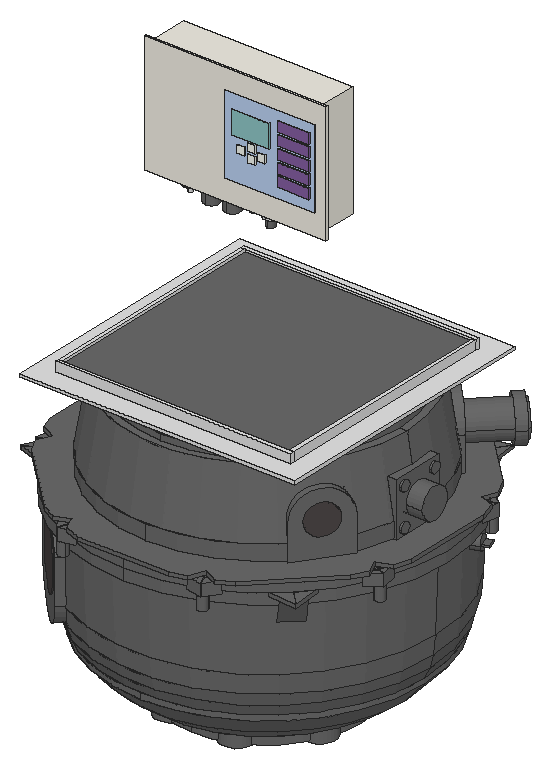
Revit family "280530sc (200)", category Generic Models, Revit 2021
Family settings
  Can host rebar = No
  Round Connector Dimension = Use Diameter
  Part Type = Normal
  Work Plane-Based = No
  Always vertical = Yes
  Cut with Voids When Loaded = No
  Shared = Yes
  Room Calculation Point = No
Parameters (values of type "280530SC")
  SUPPLIER = "KESSEL"
  SA700ID50 = "internal"
  SA700ID49 = "Protection Class I"
  SA700ID48 = "no"
  SA700ID47 = "no"
  SA700ID46 = "yes"
  SA700ID37 = 8000 mm
  SA700ID34 = 12
  SA700ID33 = 0.5 W
  SA700ID32 = 19.73 kg
  SA700ID31 = 1
  SA700ID30 = 2
  SA700ID29 = "RWDR"
  SA700ID21 = 800
  SA700ID10 = "No"
  SA700ID08 = 230 V
  PROCUREWEBLINK = "https://p.caden.as/kessel/280530SC"
  PROCURELINK = "p.caden.as/kessel/280530SC"
  PROCUREDATALASTUPDATE = "2024-05-22T12:17:25.742020933+01:00"
  PRC_SPECIFICATIONLINK = "https://ausschreiben.de/catalog/kessel/catalogItem/68b40d0a-d5ea-43db-a7a0-c3e40f4351ee"
  NN = "Lifting station Aqualift S compact"
  NBSYN = "$SA810ID03. ($LODLEVEL.)"
  NB = "280530SC (200)"
  Model = "280530SC"
  Manufacturer = "KESSEL"
  MIdent = "{$CADENAS_DATA/23d-libs/kessel/kessel_vdi_import/4/entwaesserung/hebeanlage20aqualift20s20compact.prj},217 {STYP=ASS},{VTYP=3D},{NB=280530SC (200)},{LINA=280530SC},{NN=Lifting station Aqualift S compact},{DATE=21.11.2022 10:40:35},{GEOMDATE=21.11.2022 10:40:35},{VERSION=},{LINEID=50},{WBVAR=LODLEVEL},{WBNUMERIC=LODLEVEL}  {NB=280530SC (200)},{LINA=280530SC},{KT=DUMMY},{PREVIEW=../../bilder/ksb_w_280530sc.png},{SA700ID04=Hebeanlage Aqualift S Compact, Duo, GTF 500, resistant, Bodenplatte},{SA810ID06=04026092082720},{SA700ID34=12.00},{SA010ID03=201805},{SA810ID03=280530SC},{SA810ID10=Die steckerfertige Hebeanlage für fäkalienfreies Abwasser ist mit einer überflutbaren Pumpe sowie einem Rückflussverhinderer ausgestattet. Der Sammelbehälter aus dauerhaft beständigem Kunststoff (PE) besitzt einen offenen Pumpenraum. Einhandverschlüsse ermöglichen die einfache Entnahme der integrierten Komponenten. Die Anlage zum Einbau in die Bodenplatte ist vormontiert zur bauseitigen Endmontage.Die Steuerung erfolgt durch ein anwenderfreundliches Schaltgerät, das optional über einen potentialfreien Kontakt in die Gebäudeleittechnik eingebunden werden oder Alarm- und Sammelstörmeldungen über eine GSM-Schnittstelle ausgeben kann.- mit teleskopischem Aufsatzstück für stufenlosen Höhen- und Niveauausgleich und integriertem Bodenablauf- Sammelbehälter aus PE, beständig gegen aggressive Abwässer und 3 m Grundwasser- inklusive Rückflussverhinderer für die Druckleitung- inklusive Stutzen für Zulauf und Kabelleerrohr- Pumpe mit Freistromrad für höchste BetriebssicherheitAusführung:Anlagenart: DoppelanlagePumpensteuerung: SchaltgerätRückflussverhinderer: integriertResistant: beständig gegen salzhaltige Medien, Abwasser aus Enthärtungsanlagen sowie kondensathaltiges Abwasser aus HeizungsanlagenAuslieferungszustand: installationsfertig (Verbindungsteile sind bauseits anzuschließen)Einbausituation: Einbau in die BodenplatteAbwasserart: fäkalienfreiAllgemeine Merkmale:Farbe: schwarzNorm: EN 12050-2Abmessungen:Länge: 617 mmBreite: 585 mmBehälter/Grundkörper:Zulauf Nennweite (DN): 100 mmDruckabgang (DN): 32 mmDruckabgang (DA): 40 mmEinbautiefe: 490 - 620 mmNutzvolumen: 20 lArt der Höhenverstellbarkeit: teleskopisches AufsatzstückAbdeckungsmerkmale:Abdeckungsart: Abdeckplatte mit SchlitzrostAbdeckung Material: KunststoffAbdeckung Farbe: schwarzBelastungsklasse: K 3 (EN 1253-1)Länge: 366 mmBreite: 366 mmVerriegelung: Lock & LiftFreier Kugeldurchgang: 10 mmFördereinrichtung:Pumpe: GTF 500Anzahl Pumpen: 2Förderleistung max.: 10 m3/hFörderhöhe max.: 8 mBetriebsspannung: 230 VNetzfrequenz: 50 HzBetriebsart: S1Leistung P1: 0,6 kWLeistung P2: 0,36 kWDrehzahl: 2.800 U/minErforderliche Absicherung (Leitungsschutz): C 16 AFörderguttemperatur (dauerhaft) max.: 40 °CAnschlusstyp: codierter SteckerLaufrad Typ: FreistromradLänge Netzanschlussleitung Pumpe: 5 mNennstrom: 2,7 ASchutzart Pumpe: IP 68 (3m)Typ Anschlussleitung Pumpe: H07RN-F 3G 1,0 mm2Temperaturüberwachung: integriertSteuerung:Schaltgerät: ComfortBetriebsspannung: 230 VNetzfrequenz: 50 HzSelbstdiagnosesystem (SDS): jaBatteriepufferung: jaMehrzeilige Displayanzeige: jaLogbuchfunktion: jaUSB-Schnittstelle: jaGSM-Schnittstelle: jaPotentialfreier Kontakt: optionalSchutzart Schaltgerät: IP 54Anschlusstyp: codierter SteckerLänge Netzanschlussleitung Schaltgerät: 1,4 mArt Niveauerfassung: pneumatischInstrument Niveauerfassung: TauchrohrAlarmgeber: optische Sonde},{SA700ID37=8.00},{SA700ID33=0.50},{SA700ID08=230},{SA700ID30=2},{SA700ID32=19.73},{SA700ID49=Schutzklasse I},{SA700ID50=intern},{SA200ID03=6},{SA250ID03=vertikal},{SA260ID03=Trockenläuferpumpe},{SA350ID03=normalansaugend},{SA400ID03=E-Motor für Wechselstrom},{SA460ID03=direkt},{SA500ID03=Kunststoff, Edelstahl},{SA700ID06=32},{SA700ID07=100},{SA700ID09=1/N/PE 230V },{SA700ID10=Nein},{SA700ID11=50},{SA700ID12=IP 68},{SA700ID13=F},{SA700ID15=35},{SA700ID21=800.00},{SA700ID22=0.36},{SA700ID23=2800},{SA700ID24=2800},{SA700ID26=2.50},{SA700ID27=6.90},{SA700ID28=durchgehend},{SA700ID29=RWDR},{SA700ID31=1},{SA700ID46=ja},{SA700ID47=nein},{SA700ID48=nein},{SA110ID04=Hebeanlage Aqualift S Compact},{SA300ID03=einstufig},{SA700ID44=10.00},{SA700ID45=10.00},{SA010ID04=KESSEL AG},{LODLEVEL=200},{LINK=https://www.kessel.de/info?han=280530SC},{SA970ID01=970},{SA970ID02=14032},{SA970ID03=280530SC},{SA970ID04=11002617},{SA970ID05=QUAD},{SA970ID06=-326},{SA970ID07=-291.04},{SA970ID08=0},{SA970ID09=1},{SA970ID10=0},{SA970ID11=0},{SA970ID12=0},{SA970ID13=1},{SA970ID14=0},{SA970ID15=617.04},{SA970ID16=582.09},{SA970ID17=506.5},{LODLEVEL_=200,'Low'},{LODLEVEL_DEU=200,'Low'},{LINK_=https://www.kessel.de/info?han=280530SC},{LINK_DEU=https://www.kessel.de/info?han=280530SC},{LODLEVEL_3DB=280530SC_200},{DNIN1=100},{DNIN2=125},{DNIN3=100},{DNIN4=100},{DNOUT1=70},{DNOUT2=32},{ISD1=60},{ISD2=10},{ISD3=10},{SA010ID01=010},{SA010ID02=4},{SA010ID06=www.kessel.de},{SA010ID07=www.kessel.de},{SA010ID12=20180713},{SA010ID13=DEU},{SA010ID14=DE},{SA100ID01=100},{SA100ID02=4},{SA100ID04=Entwässerung},{SA110ID01=110},{SA110ID02=30},{SA200ID01=200},{SA200ID02=6},{SA250ID01=250},{SA250ID02=2},{SA260ID01=260},{SA260ID02=2},{SA300ID01=300},{SA300ID02=1},{SA350ID01=350},{SA350ID02=1},{SA400ID01=400},{SA400ID02=1},{SA460ID01=460},{SA460ID02=1},{SA500ID01=500},{SA500ID02=1},{SA700ID01=700},{SA700ID02=191},{SA700ID10_=0},{SA700ID16=0},{SA700ID25=0},{SA700ID46_=1},{SA700ID47_=0},{SA700ID48_=0},{SA700ID49_=1},{SA700ID50_=2},{SA800ID01=800},{SA800ID02=6},{SA810ID01=810},{SA810ID02=191},{SA810ID04=280530SC},{SA810ID07=191},{SA810ID09=1},{SA810ID14=PCE},{SA810ID15=1},{SA810ID16=NMP},{SA960ID03=191},{SA960ID04=3L},{SA960ID08=https://www.kessel.de/info?han=280530SC},{SA010ID08=4026092000007},{SA100ID05=Hebeanlage},{SA110ID06=Hebeanlage}"
  LINK = "https://www.kessel.de/info?han=280530SC"
  LINA = "280530SC"
  Default Elevation = 0 mm
  CREATOR = "CADENAS GmbH"
  CATALOG = "KESSEL"
  BOMINFO = "LINA"
  ARTICLENO = "NB"
  4.810.00.9 Order quantity (multiplicator) = "1"
  4.810.00.7 Media- connection number = "191"
  4.810.00.6 GTIN number = "04026092082720"
  4.810.00.4 DATANORM number = "280530SC"
  4.810.00.3 Producer order number = "280530SC"
  4.710.03.7 Mass (net) = 19.73 kg
  4.710.03.6 Height = 490 mm
  4.710.03.5 Width = 580 mm
  4.710.03.4 Length = 620 mm
  4.710.03.3 Type of dimensions = "2"
  4.710.02.8 Area of application of wastewater pump = "2"
  4.710.02.6 Duty type = "S1"
  4.710.02.5 Cutting device = "0"
  4.710.02.4 Attached pump control = "1"
  4.710.02.3 Free passage = 10 mm
  4.710.01.6 Option to connect to building automation = "10"
  4.710.01.5 Load regulation = "0"
  4.710.01.4 Designation of closed-loop control = "20"
  4.700.00.9 Voltage = 0
  4.700.00.8 Nominal connection size on suction side = "100"
  4.700.00.7 Nominal connection size on pressure side = "100"
  4.700.00.6 Type of connection = "32"
  4.700.00.4 Product indentification = "Hebeanlage Aqualift S Compact, Duo, GTF 500, resistant, Bodenplatte"
  4.700.00.28 Motor pump shaft = "durchgehend"
  4.700.00.27 Starting current = 6.9
  4.700.00.26 Maximum power consumption per pump / drive = 2.5
  4.700.00.25 Minimum speed at internal speed adjustment = 0
  4.700.00.24 Nominal speed / maximum speed n = 46.6667
  4.700.00.23 Nominal speed of motor = 46.6667
  4.700.00.22 Maximum shaft output (P2) per pump/drive = 0.36 W
  4.700.00.16 Maximum temperature of pumped medium = 0 °C
  4.700.00.15 Increased safety class = "35 °C"
  4.700.00.13 Type of protection = "F"
  4.700.00.12 Frequency = 0
  4.700.00.11 Stern-/Dreieck-Anlaufschaltung bei Dreiphasenanschluss oder Drehstrom = "50 Hz"
  4.700.00.10 Phase = "0"
  4.500.00.3 Variant / Variant type / Accessories-name = "Kunststoff, Edelstahl"
  4.460.00.3 Variant / Variant type / Accessories-name = "direkt"
  4.400.00.3 Variant / Variant type / Accessories-name = "E-Motor für Wechselstrom"
  4.350.00.3 Variant / Variant type / Accessories-name = "normalansaugend"
  4.300.00.3 Variant / Variant type / Accessories-name = "einstufig"
  4.260.00.3 Variant / Variant type / Accessories-name = "Trockenläuferpumpe"
  4.250.00.3 Variant / Variant type / Accessories-name = "vertikal"
  4.200.00.3 Variant / Variant type / Accessories-name = "6"
  4.110.00.6 Product classification = "Hebeanlage"
  4.110.00.4 Product indentification = "Hebeanlage Aqualift S Compact"
  4.100.00.5 Main groups of wares = "Hebeanlage"
  4.100.00.4 Product indentification = "Entwässerung"
  4.010.00.8 Producer ID number = "4026092000007"
  4.010.00.7 Comment = "www.kessel.de"
  4.010.00.6 Web address of the manufacturer = "www.kessel.de"
  4.010.00.4 Manufacturer name = "KESSEL AG"
  4.010.00.3 Date of issuance (month) of guideline = "201805"
  4.010.00.2 Sheet number of the guideline = "4"
  4.010.00.14 Kennungen der Projektländer, für die die Datei gültig ist = "DE"
  4.010.00.13 Sprache der Datei = "DEU"
  4.010.00.12 Stand des Herstellerkatalogs = "20180713"
Reference planes
  plane 1 "Center (Front/Back)": y = 0
  plane 2: z = 0
  plane 3 "Center (Left/Right)": x = 0
Forms (mm)
  Extrusion 1, void
    sketch origin (-197.283, 197.283, 209) x (-0.707107, -0.707107, 0) y (0, 0, -1)
      loop
        line (-0.5, -0.5) -> (0.5, -0.5) -> (0.5, 0.5) -> (-0.5, 0.5) -> (-0.5, -0.5)
    from 0 to 1
  Extrusion 2, void
    sketch origin (-197.283, -197.283, 209) x (0.707107, -0.707107, 0) y (0, 0, -1)
      loop
        line (-0.5, -0.5) -> (0.5, -0.5) -> (0.5, 0.5) -> (-0.5, 0.5) -> (-0.5, -0.5)
    from 0 to 1
  Extrusion 3, void
    sketch origin (-247, 0, 370) x (0, -1, 0) y (0, 0, -1)
      loop
        line (-0.5, -0.5) -> (0.5, -0.5) -> (0.5, 0.5) -> (-0.5, 0.5) -> (-0.5, -0.5)
    from 0 to 1
  Extrusion 4, void
    sketch origin (242.226, 228.084, 376) x (-0.707107, 0.707107, 0) y (0, 0, -1)
      loop
        line (-0.5, -0.5) -> (0.5, -0.5) -> (0.5, 0.5) -> (-0.5, 0.5) -> (-0.5, -0.5)
    from 0 to 1
  Extrusion 5, void
    sketch origin (242.226, 228.084, 364) x (-0.707107, 0.707107, 0) y (0, 0, -1)
      loop
        line (-0.5, -0.5) -> (0.5, -0.5) -> (0.5, 0.5) -> (-0.5, 0.5) -> (-0.5, -0.5)
    from 0 to 1
  Extrusion 6, void
    sketch origin (228.084, 242.226, 376) x (-0.707107, 0.707107, 0) y (0, 0, -1)
      loop
        line (-0.5, -0.5) -> (0.5, -0.5) -> (0.5, 0.5) -> (-0.5, 0.5) -> (-0.5, -0.5)
    from 0 to 1
  Extrusion 7, void
    sketch origin (228.084, 242.226, 364) x (-0.707107, 0.707107, 0) y (0, 0, -1)
      loop
        line (-0.5, -0.5) -> (0.5, -0.5) -> (0.5, 0.5) -> (-0.5, 0.5) -> (-0.5, -0.5)
    from 0 to 1
Dimensions and locks
  locked: plane 2 to Extrusion 1 at 208.5
  locked: plane 2 to Extrusion 1 at 209.5
  locked: plane 2 to Extrusion 2 at 208.5
  locked: plane 2 to Extrusion 2 at 209.5
  locked: plane 2 to Extrusion 3 at 369.5
  locked: plane 2 to Extrusion 3 at 370.5
  locked: plane 2 to Extrusion 4 at 375.5
  locked: plane 2 to Extrusion 4 at 376.5
  locked: plane 2 to Extrusion 5 at 363.5
  locked: plane 2 to Extrusion 5 at 364.5
  locked: plane 2 to Extrusion 6 at 375.5
  locked: plane 2 to Extrusion 6 at 376.5
  locked: plane 2 to Extrusion 7 at 363.5
  locked: plane 2 to Extrusion 7 at 364.5
  aligned and locked: level to plane 2
Nested families
  nested 1: "280530sc (200)_content" at (0, 0, 0), type "280530SC (200)_Content"
  nested 2: "280530sc (200)_part1_X0Y0" at (-194, 244.5, 558), type "280530SC_PART1_X0Y0"
  nested 3: "280530sc (200)_part2_X0Y0" at (0, 0, 0), type "280530SC_PART2_X0Y0"
Connectors
  piping at (-112, 217, 557.2), diameter 10
    settings: on nested 2, index 1, connector inside diameter 609.6 mm, connector length 0 mm, flow factor 0, pipe flow 0.0 L/s, pressure drop 0.0 Pa, fitting loss kfactor 0, connector angle 0.00°, fixture units 0, engagement length 0 mm, angle of deflection 0.00°, flow configuration 0, flow direction 2, fitting loss method 2, system type 29, joint type 0, gender type 0, connector reference index -1, connector utility 0, adjustable connector no, is connector primary yes, connector description ""
  electrical at (-298, 217, 518.5)
    settings: on nested 2, index 2, voltage 0 V, apparent load 0 VA, apparent load phase1 0 VA, apparent load phase2 0 VA, apparent load phase3 0 VA, power factor 1, load classification "Other", number of poles 1, system type 31, power factor state 1, is connector primary yes, connector utility no, sub classification motor no, connector description ""
  electrical at (-264, 217, 515.9)
    settings: on nested 2, index 3, voltage 0 V, apparent load 0 VA, apparent load phase1 0 VA, apparent load phase2 0 VA, apparent load phase3 0 VA, power factor 1, load classification "Other", number of poles 1, system type 31, power factor state 1, is connector primary no, connector utility no, sub classification motor no, connector description ""
  electrical at (-230, 217, 515.9)
    settings: on nested 2, index 4, voltage 0 V, apparent load 0 VA, apparent load phase1 0 VA, apparent load phase2 0 VA, apparent load phase3 0 VA, power factor 1, load classification "Other", number of poles 1, system type 31, power factor state 1, is connector primary no, connector utility no, sub classification motor no, connector description ""
  electrical at (-192, 217, 528.2)
    settings: on nested 2, index 5, voltage 0 V, apparent load 0 VA, apparent load phase1 0 VA, apparent load phase2 0 VA, apparent load phase3 0 VA, power factor 1, load classification "Other", number of poles 1, system type 31, power factor state 1, is connector primary no, connector utility no, sub classification motor no, connector description ""
  electrical at (-168, 217, 513.45)
    settings: on nested 2, index 6, voltage 0 V, apparent load 0 VA, apparent load phase1 0 VA, apparent load phase2 0 VA, apparent load phase3 0 VA, power factor 1, load classification "Other", number of poles 1, system type 31, power factor state 1, is connector primary no, connector utility no, sub classification motor no, connector description ""
  electrical at (-140, 217, 557.2)
    settings: on nested 2, index 7, voltage 0 V, apparent load 0 VA, apparent load phase1 0 VA, apparent load phase2 0 VA, apparent load phase3 0 VA, power factor 1, load classification "Other", number of poles 1, system type 31, power factor state 1, is connector primary no, connector utility no, sub classification motor no, connector description ""
  piping at (-326, 0, 209), diameter 125
    settings: on nested 3, index 8, connector inside diameter 609.6 mm, connector length 0 mm, flow factor 0, pipe flow 0.0 L/s, pressure drop 0.0 Pa, fitting loss kfactor 0, connector angle 0.00°, fixture units 0, engagement length 0 mm, angle of deflection 0.00°, flow configuration 0, flow direction 1, fitting loss method 2, system type 29, joint type 0, gender type 0, connector reference index -1, connector utility 0, adjustable connector no, is connector primary no, connector description ""
  piping at (-197.283, 197.283, 209), diameter 100
    settings: on Extrusion 1, index 9, connector inside diameter 609.6 mm, connector length 0 mm, flow factor 0, pipe flow 0.0 L/s, pressure drop 0.0 Pa, fitting loss kfactor 0, connector angle 0.00°, fixture units 0, engagement length 0 mm, angle of deflection 0.00°, flow configuration 0, flow direction 0, fitting loss method 2, system type 29, joint type 0, gender type 0, connector reference index -1, connector utility 0, adjustable connector no, is connector primary no, connector description ""
  piping at (-197.283, -197.283, 209), diameter 100
    settings: on Extrusion 2, index 10, connector inside diameter 609.6 mm, connector length 0 mm, flow factor 0, pipe flow 0.0 L/s, pressure drop 0.0 Pa, fitting loss kfactor 0, connector angle 0.00°, fixture units 0, engagement length 0 mm, angle of deflection 0.00°, flow configuration 0, flow direction 0, fitting loss method 2, system type 29, joint type 0, gender type 0, connector reference index -1, connector utility 0, adjustable connector no, is connector primary no, connector description ""
  piping at (-247, 0, 370), diameter 70
    settings: on Extrusion 3, index 11, connector inside diameter 609.6 mm, connector length 0 mm, flow factor 0, pipe flow 0.0 L/s, pressure drop 0.0 Pa, fitting loss kfactor 0, connector angle 0.00°, fixture units 0, engagement length 0 mm, angle of deflection 0.00°, flow configuration 0, flow direction 0, fitting loss method 2, system type 29, joint type 0, gender type 0, connector reference index -1, connector utility 0, adjustable connector no, is connector primary no, connector description ""
  piping at (272.5, -3, 363.25), diameter 32
    settings: on nested 3, index 12, connector inside diameter 609.6 mm, connector length 0 mm, flow factor 0, pipe flow 0.0 L/s, pressure drop 0.0 Pa, fitting loss kfactor 0, connector angle 0.00°, fixture units 0, engagement length 0 mm, angle of deflection 0.00°, flow configuration 0, flow direction 2, fitting loss method 2, system type 29, joint type 0, gender type 0, connector reference index -1, connector utility 0, adjustable connector no, is connector primary no, connector description ""
  electrical at (242.226, 228.084, 376)
    settings: on Extrusion 4, index 13, voltage 0 V, apparent load 0 VA, apparent load phase1 0 VA, apparent load phase2 0 VA, apparent load phase3 0 VA, power factor 1, load classification "Other", number of poles 1, system type 31, power factor state 1, is connector primary no, connector utility no, sub classification motor no, connector description ""
  electrical at (242.226, 228.084, 364)
    settings: on Extrusion 5, index 14, voltage 0 V, apparent load 0 VA, apparent load phase1 0 VA, apparent load phase2 0 VA, apparent load phase3 0 VA, power factor 1, load classification "Other", number of poles 1, system type 31, power factor state 1, is connector primary no, connector utility no, sub classification motor no, connector description ""
  electrical at (228.084, 242.226, 376)
    settings: on Extrusion 6, index 15, voltage 0 V, apparent load 0 VA, apparent load phase1 0 VA, apparent load phase2 0 VA, apparent load phase3 0 VA, power factor 1, load classification "Other", number of poles 1, system type 31, power factor state 1, is connector primary no, connector utility no, sub classification motor no, connector description ""
  electrical at (228.084, 242.226, 364)
    settings: on Extrusion 7, index 16, voltage 0 V, apparent load 0 VA, apparent load phase1 0 VA, apparent load phase2 0 VA, apparent load phase3 0 VA, power factor 1, load classification "Other", number of poles 1, system type 31, power factor state 1, is connector primary no, connector utility no, sub classification motor no, connector description ""
Definition of nested family "280530sc (200)_part1_X0Y0"
  Parameters (values of type "280530SC_PART1_X0Y0")
    SUPPLIER = "KESSEL"
    SA700ID50 = "internal"
    SA700ID49 = "Protection Class I"
    SA700ID48 = "no"
    SA700ID47 = "no"
    SA700ID46 = "yes"
    SA700ID37 = 8000 mm
    SA700ID34 = 12
    SA700ID33 = 0.5 W
    SA700ID32 = 19.73 kg
    SA700ID31 = 1
    SA700ID30 = 2
    SA700ID29 = "RWDR"
    SA700ID21 = 800
    SA700ID10 = "No"
    SA700ID08 = 230 V
    NBSYN = "$SA810ID03. ($LODLEVEL.)_PART1"
    NB = "280530SC (200)_PART1"
    Model = "280530SC_PART1"
    Manufacturer = "KESSEL"
    MIdent = "{$CADENAS_DATA/23d-libs/kessel/kessel_vdi_import/4/entwaesserung/hebeanlage20aqualift20s20compact.prj},237 {VTYP=3D},{NB=280530SC (200)_PART1},{LINA=280530SC_PART1},{NN=Lifting station Aqualift S compact_PART1},{NOPRJ=TRUE},{DATE=21.11.2022 10:40:35},{GEOMDATE=21.11.2022 10:40:35},{VERSION=},{LINEID=50},{WBVAR=LODLEVEL},{WBNUMERIC=LODLEVEL}  {NB=280530SC (200)_PART1},{LINA=280530SC_PART1},{KT=DUMMY},{PREVIEW=../../bilder/ksb_w_280530sc.png},{SA700ID04=Hebeanlage Aqualift S Compact, Duo, GTF 500, resistant, Bodenplatte},{SA810ID06=04026092082720},{SA700ID34=12.00},{SA010ID03=201805},{SA810ID03=280530SC},{SA810ID10=Die steckerfertige Hebeanlage für fäkalienfreies Abwasser ist mit einer überflutbaren Pumpe sowie einem Rückflussverhinderer ausgestattet. Der Sammelbehälter aus dauerhaft beständigem Kunststoff (PE) besitzt einen offenen Pumpenraum. Einhandverschlüsse ermöglichen die einfache Entnahme der integrierten Komponenten. Die Anlage zum Einbau in die Bodenplatte ist vormontiert zur bauseitigen Endmontage.Die Steuerung erfolgt durch ein anwenderfreundliches Schaltgerät, das optional über einen potentialfreien Kontakt in die Gebäudeleittechnik eingebunden werden oder Alarm- und Sammelstörmeldungen über eine GSM-Schnittstelle ausgeben kann.- mit teleskopischem Aufsatzstück für stufenlosen Höhen- und Niveauausgleich und integriertem Bodenablauf- Sammelbehälter aus PE, beständig gegen aggressive Abwässer und 3 m Grundwasser- inklusive Rückflussverhinderer für die Druckleitung- inklusive Stutzen für Zulauf und Kabelleerrohr- Pumpe mit Freistromrad für höchste BetriebssicherheitAusführung:Anlagenart: DoppelanlagePumpensteuerung: SchaltgerätRückflussverhinderer: integriertResistant: beständig gegen salzhaltige Medien, Abwasser aus Enthärtungsanlagen sowie kondensathaltiges Abwasser aus HeizungsanlagenAuslieferungszustand: installationsfertig (Verbindungsteile sind bauseits anzuschließen)Einbausituation: Einbau in die BodenplatteAbwasserart: fäkalienfreiAllgemeine Merkmale:Farbe: schwarzNorm: EN 12050-2Abmessungen:Länge: 617 mmBreite: 585 mmBehälter/Grundkörper:Zulauf Nennweite (DN): 100 mmDruckabgang (DN): 32 mmDruckabgang (DA): 40 mmEinbautiefe: 490 - 620 mmNutzvolumen: 20 lArt der Höhenverstellbarkeit: teleskopisches AufsatzstückAbdeckungsmerkmale:Abdeckungsart: Abdeckplatte mit SchlitzrostAbdeckung Material: KunststoffAbdeckung Farbe: schwarzBelastungsklasse: K 3 (EN 1253-1)Länge: 366 mmBreite: 366 mmVerriegelung: Lock & LiftFreier Kugeldurchgang: 10 mmFördereinrichtung:Pumpe: GTF 500Anzahl Pumpen: 2Förderleistung max.: 10 m3/hFörderhöhe max.: 8 mBetriebsspannung: 230 VNetzfrequenz: 50 HzBetriebsart: S1Leistung P1: 0,6 kWLeistung P2: 0,36 kWDrehzahl: 2.800 U/minErforderliche Absicherung (Leitungsschutz): C 16 AFörderguttemperatur (dauerhaft) max.: 40 °CAnschlusstyp: codierter SteckerLaufrad Typ: FreistromradLänge Netzanschlussleitung Pumpe: 5 mNennstrom: 2,7 ASchutzart Pumpe: IP 68 (3m)Typ Anschlussleitung Pumpe: H07RN-F 3G 1,0 mm2Temperaturüberwachung: integriertSteuerung:Schaltgerät: ComfortBetriebsspannung: 230 VNetzfrequenz: 50 HzSelbstdiagnosesystem (SDS): jaBatteriepufferung: jaMehrzeilige Displayanzeige: jaLogbuchfunktion: jaUSB-Schnittstelle: jaGSM-Schnittstelle: jaPotentialfreier Kontakt: optionalSchutzart Schaltgerät: IP 54Anschlusstyp: codierter SteckerLänge Netzanschlussleitung Schaltgerät: 1,4 mArt Niveauerfassung: pneumatischInstrument Niveauerfassung: TauchrohrAlarmgeber: optische Sonde},{SA700ID37=8.00},{SA700ID33=0.50},{SA700ID08=230},{SA700ID30=2},{SA700ID32=19.73},{SA700ID49=Schutzklasse I},{SA700ID50=intern},{SA200ID03=6},{SA250ID03=vertikal},{SA260ID03=Trockenläuferpumpe},{SA350ID03=normalansaugend},{SA400ID03=E-Motor für Wechselstrom},{SA460ID03=direkt},{SA500ID03=Kunststoff, Edelstahl},{SA700ID06=32},{SA700ID07=100},{SA700ID09=1/N/PE 230V },{SA700ID10=Nein},{SA700ID11=50},{SA700ID12=IP 68},{SA700ID13=F},{SA700ID15=35},{SA700ID21=800.00},{SA700ID22=0.36},{SA700ID23=2800},{SA700ID24=2800},{SA700ID26=2.50},{SA700ID27=6.90},{SA700ID28=durchgehend},{SA700ID29=RWDR},{SA700ID31=1},{SA700ID46=ja},{SA700ID47=nein},{SA700ID48=nein},{SA110ID04=Hebeanlage Aqualift S Compact},{SA300ID03=einstufig},{SA700ID44=10.00},{SA700ID45=10.00},{SA010ID04=KESSEL AG},{LODLEVEL=200},{LINK=https://www.kessel.de/info?han=280530SC},{SA970ID01=970},{SA970ID02=14032},{SA970ID03=280530SC},{SA970ID04=11002617},{SA970ID05=QUAD},{SA970ID06=-326},{SA970ID07=-291.04},{SA970ID08=0},{SA970ID09=1},{SA970ID10=0},{SA970ID11=0},{SA970ID12=0},{SA970ID13=1},{SA970ID14=0},{SA970ID15=617.04},{SA970ID16=582.09},{SA970ID17=506.5},{LODLEVEL_=200,'Low'},{LODLEVEL_DEU=200,'Low'},{LINK_=https://www.kessel.de/info?han=280530SC},{LINK_DEU=https://www.kessel.de/info?han=280530SC},{LODLEVEL_3DB=280530SC_200},{DNIN1=100},{DNIN2=125},{DNIN3=100},{DNIN4=100},{DNOUT1=70},{DNOUT2=32},{ISD1=60},{ISD2=10},{ISD3=10},{SA010ID01=010},{SA010ID02=4},{SA010ID06=www.kessel.de},{SA010ID07=www.kessel.de},{SA010ID12=20180713},{SA010ID13=DEU},{SA010ID14=DE},{SA100ID01=100},{SA100ID02=4},{SA100ID04=Entwässerung},{SA110ID01=110},{SA110ID02=30},{SA200ID01=200},{SA200ID02=6},{SA250ID01=250},{SA250ID02=2},{SA260ID01=260},{SA260ID02=2},{SA300ID01=300},{SA300ID02=1},{SA350ID01=350},{SA350ID02=1},{SA400ID01=400},{SA400ID02=1},{SA460ID01=460},{SA460ID02=1},{SA500ID01=500},{SA500ID02=1},{SA700ID01=700},{SA700ID02=191},{SA700ID10_=0},{SA700ID16=0},{SA700ID25=0},{SA700ID46_=1},{SA700ID47_=0},{SA700ID48_=0},{SA700ID49_=1},{SA700ID50_=2},{SA800ID01=800},{SA800ID02=6},{SA810ID01=810},{SA810ID02=191},{SA810ID04=280530SC},{SA810ID07=191},{SA810ID09=1},{SA810ID14=PCE},{SA810ID15=1},{SA810ID16=NMP},{SA960ID03=191},{SA960ID04=3L},{SA960ID08=https://www.kessel.de/info?han=280530SC},{SA010ID08=4026092000007},{SA100ID05=Hebeanlage},{SA110ID06=Hebeanlage}"
    LINK = "https://www.kessel.de/info?han=280530SC"
    LINA = "280530SC_PART1"
    Default Elevation = 1219.2 mm
    CREATOR = "CADENAS GmbH"
    CATALOG = "KESSEL"
    BOMINFO = "LINA"
    ARTICLENO = "NB"
    4.810.00.9 Order quantity (multiplicator) = "1"
    4.810.00.7 Media- connection number = "191"
    4.810.00.6 GTIN number = "04026092082720"
    4.810.00.4 DATANORM number = "280530SC"
    4.810.00.3 Producer order number = "280530SC"
    4.710.03.7 Mass (net) = 19.73 kg
    4.710.03.6 Height = 490 mm
    4.710.03.5 Width = 580 mm
    4.710.03.4 Length = 620 mm
    4.710.03.3 Type of dimensions = "2"
    4.710.02.8 Area of application of wastewater pump = "2"
    4.710.02.6 Duty type = "S1"
    4.710.02.5 Cutting device = "0"
    4.710.02.4 Attached pump control = "1"
    4.710.02.3 Free passage = 10 mm
    4.710.01.6 Option to connect to building automation = "10"
    4.710.01.5 Load regulation = "0"
    4.710.01.4 Designation of closed-loop control = "20"
    4.700.00.9 Voltage = 0
    4.700.00.8 Nominal connection size on suction side = "100"
    4.700.00.7 Nominal connection size on pressure side = "100"
    4.700.00.6 Type of connection = "32"
    4.700.00.4 Product indentification = "Hebeanlage Aqualift S Compact, Duo, GTF 500, resistant, Bodenplatte"
    4.700.00.28 Motor pump shaft = "durchgehend"
    4.700.00.27 Starting current = 6.9
    4.700.00.26 Maximum power consumption per pump / drive = 2.5
    4.700.00.25 Minimum speed at internal speed adjustment = 0
    4.700.00.24 Nominal speed / maximum speed n = 46.6667
    4.700.00.23 Nominal speed of motor = 46.6667
    4.700.00.22 Maximum shaft output (P2) per pump/drive = 0.36 W
    4.700.00.16 Maximum temperature of pumped medium = 0 °C
    4.700.00.15 Increased safety class = "35 °C"
    4.700.00.13 Type of protection = "F"
    4.700.00.12 Frequency = 0
    4.700.00.11 Stern-/Dreieck-Anlaufschaltung bei Dreiphasenanschluss oder Drehstrom = "50 Hz"
    4.700.00.10 Phase = "0"
    4.500.00.3 Variant / Variant type / Accessories-name = "Kunststoff, Edelstahl"
    4.460.00.3 Variant / Variant type / Accessories-name = "direkt"
    4.400.00.3 Variant / Variant type / Accessories-name = "E-Motor für Wechselstrom"
    4.350.00.3 Variant / Variant type / Accessories-name = "normalansaugend"
    4.300.00.3 Variant / Variant type / Accessories-name = "einstufig"
    4.260.00.3 Variant / Variant type / Accessories-name = "Trockenläuferpumpe"
    4.250.00.3 Variant / Variant type / Accessories-name = "vertikal"
    4.200.00.3 Variant / Variant type / Accessories-name = "6"
    4.110.00.6 Product classification = "Hebeanlage"
    4.110.00.4 Product indentification = "Hebeanlage Aqualift S Compact"
    4.100.00.5 Main groups of wares = "Hebeanlage"
    4.100.00.4 Product indentification = "Entwässerung"
    4.010.00.8 Producer ID number = "4026092000007"
    4.010.00.7 Comment = "www.kessel.de"
    4.010.00.6 Web address of the manufacturer = "www.kessel.de"
    4.010.00.4 Manufacturer name = "KESSEL AG"
    4.010.00.3 Date of issuance (month) of guideline = "201805"
    4.010.00.2 Sheet number of the guideline = "4"
    4.010.00.14 Kennungen der Projektländer, für die die Datei gültig ist = "DE"
    4.010.00.13 Sprache der Datei = "DEU"
    4.010.00.12 Stand des Herstellerkatalogs = "20180713"
  Reference planes
    plane 1 "Center (Front/Back)": y = 0
    plane 2: z = 0
    plane 3 "Center (Left/Right)": x = 0
  Dimensions and locks
    aligned and locked: level to plane 2
  Nested families
    nested 1: "280530sc (200)_part1_content" at (0, 0, 0), type "280530SC (200)_PART1_Content"
  Definition of nested family "280530sc (200)_part1_content"
    Parameters (values of type "280530SC (200)_PART1_Content")
      SUPPLIER = "KESSEL"
      SA700ID50 = "internal"
      SA700ID49 = "Protection Class I"
      SA700ID48 = "no"
      SA700ID47 = "no"
      SA700ID46 = "yes"
      SA700ID37 = 8000 mm
      SA700ID34 = 12
      SA700ID33 = 0.5 W
      SA700ID32 = 19.73 kg
      SA700ID31 = 1
      SA700ID30 = 2
      SA700ID29 = "RWDR"
      SA700ID21 = 800
      SA700ID10 = "No"
      SA700ID08 = 230 V
      NBSYN = "$SA810ID03. ($LODLEVEL.)_PART1"
      NB = "280530SC (200)_PART1"
      Model = "280530SC_PART1"
      Manufacturer = "KESSEL"
      LINK = "https://www.kessel.de/info?han=280530SC"
      LINA = "280530SC_PART1"
      Default Elevation = 1219.2 mm
      CREATOR = "CADENAS GmbH"
      CATALOG = "KESSEL"
      BOMINFO = "LINA"
      ARTICLENO = "NB"
      4.810.00.9 Order quantity (multiplicator) = "1"
      4.810.00.7 Media- connection number = "191"
      4.810.00.6 GTIN number = "04026092082720"
      4.810.00.4 DATANORM number = "280530SC"
      4.810.00.3 Producer order number = "280530SC"
      4.710.03.7 Mass (net) = 19.73 kg
      4.710.03.6 Height = 490 mm
      4.710.03.5 Width = 580 mm
      4.710.03.4 Length = 620 mm
      4.710.03.3 Type of dimensions = "2"
      4.710.02.8 Area of application of wastewater pump = "2"
      4.710.02.6 Duty type = "S1"
      4.710.02.5 Cutting device = "0"
      4.710.02.4 Attached pump control = "1"
      4.710.02.3 Free passage = 10 mm
      4.710.01.6 Option to connect to building automation = "10"
      4.710.01.5 Load regulation = "0"
      4.710.01.4 Designation of closed-loop control = "20"
      4.700.00.9 Voltage = 0
      4.700.00.8 Nominal connection size on suction side = "100"
      4.700.00.7 Nominal connection size on pressure side = "100"
      4.700.00.6 Type of connection = "32"
      4.700.00.4 Product indentification = "Hebeanlage Aqualift S Compact, Duo, GTF 500, resistant, Bodenplatte"
      4.700.00.28 Motor pump shaft = "durchgehend"
      4.700.00.27 Starting current = 6.9
      4.700.00.26 Maximum power consumption per pump / drive = 2.5
      4.700.00.25 Minimum speed at internal speed adjustment = 0
      4.700.00.24 Nominal speed / maximum speed n = 46.6667
      4.700.00.23 Nominal speed of motor = 46.6667
      4.700.00.22 Maximum shaft output (P2) per pump/drive = 0.36 W
      4.700.00.16 Maximum temperature of pumped medium = 0 °C
      4.700.00.15 Increased safety class = "35 °C"
      4.700.00.13 Type of protection = "F"
      4.700.00.12 Frequency = 0
      4.700.00.11 Stern-/Dreieck-Anlaufschaltung bei Dreiphasenanschluss oder Drehstrom = "50 Hz"
      4.700.00.10 Phase = "0"
      4.500.00.3 Variant / Variant type / Accessories-name = "Kunststoff, Edelstahl"
      4.460.00.3 Variant / Variant type / Accessories-name = "direkt"
      4.400.00.3 Variant / Variant type / Accessories-name = "E-Motor für Wechselstrom"
      4.350.00.3 Variant / Variant type / Accessories-name = "normalansaugend"
      4.300.00.3 Variant / Variant type / Accessories-name = "einstufig"
      4.260.00.3 Variant / Variant type / Accessories-name = "Trockenläuferpumpe"
      4.250.00.3 Variant / Variant type / Accessories-name = "vertikal"
      4.200.00.3 Variant / Variant type / Accessories-name = "6"
      4.110.00.6 Product classification = "Hebeanlage"
      4.110.00.4 Product indentification = "Hebeanlage Aqualift S Compact"
      4.100.00.5 Main groups of wares = "Hebeanlage"
      4.100.00.4 Product indentification = "Entwässerung"
      4.010.00.8 Producer ID number = "4026092000007"
      4.010.00.7 Comment = "www.kessel.de"
      4.010.00.6 Web address of the manufacturer = "www.kessel.de"
      4.010.00.4 Manufacturer name = "KESSEL AG"
      4.010.00.3 Date of issuance (month) of guideline = "201805"
      4.010.00.2 Sheet number of the guideline = "4"
      4.010.00.14 Kennungen der Projektländer, für die die Datei gültig ist = "DE"
      4.010.00.13 Sprache der Datei = "DEU"
      4.010.00.12 Stand des Herstellerkatalogs = "20180713"
    Reference planes
      plane 1 "Center (Front/Back)": y = 0
      plane 2: z = 0
      plane 3 "Center (Left/Right)": x = 0
    Forms (mm)
      Extrusion 1, solid, detail levels medium+fine
        sketch origin (49.8, -68, 72.2) x (0, -1, 0) y (0, 0, 1)
          loop
            line (-0.5, 12) -> (-0.5, 0) -> (1, 0) -> (1, 12) -> (-0.5, 12)
        from 0 to 12
      Extrusion 2, solid, detail levels medium+fine
        sketch origin (129.3, -67, 28.2) x (0, -1, 0) y (0, 0, 1)
          loop
            line (-0.5, 127) -> (-0.5, 0) -> (1, 0) -> (1, 127) -> (-0.5, 127)
        from 0 to 146
      Extrusion 3, solid, detail levels medium+fine
        sketch origin (33.3, -68, 80.45) x (0, -1, 0) y (0, 0, 1)
          loop
            line (-0.5, 12) -> (-0.5, 0) -> (1, 0) -> (1, 12) -> (-0.5, 12)
        from 0 to 12
      Extrusion 4, solid, detail levels medium+fine
        sketch origin (33.3, -68, 63.95) x (0, -1, 0) y (0, 0, 1)
          loop
            line (-0.5, 12) -> (-0.5, 0) -> (1, 0) -> (1, 12) -> (-0.5, 12)
        from 0 to 12
      Extrusion 5, solid, detail levels medium+fine
        sketch origin (56.3, -68, 95.45) x (0, -1, 0) y (0, 0, 1)
          loop
            line (-0.5, 37) -> (-0.5, 0) -> (1, 0) -> (1, 37) -> (-0.5, 37)
        from 0 to 60
      Extrusion 6, solid, detail levels medium+fine
        sketch origin (121.8, -68, 85.7) x (0, -1, 0) y (0, 0, 1)
          loop
            line (0, 16) -> (0, 0) -> (2, 0) -> (2, 16) -> (0, 16)
        from 0 to 51
      Extrusion 7, solid, detail levels medium+fine
        sketch origin (121.8, -68, 65.7) x (0, -1, 0) y (0, 0, 1)
          loop
            line (0, 16) -> (0, 0) -> (2, 0) -> (2, 16) -> (0, 16)
        from 0 to 51
      Extrusion 8, solid, detail levels medium+fine
        sketch origin (121.8, -68, 105.7) x (0, -1, 0) y (0, 0, 1)
          loop
            line (0, 16) -> (0, 0) -> (2, 0) -> (2, 16) -> (0, 16)
        from 0 to 51
      Extrusion 9, solid, detail levels medium+fine
        sketch origin (16.8, -68, 72.2) x (0, -1, 0) y (0, 0, 1)
          loop
            line (-0.5, 12) -> (-0.5, 0) -> (1, 0) -> (1, 12) -> (-0.5, 12)
        from 0 to 12
      Extrusion 10, solid, detail levels medium+fine
        sketch origin (121.8, -68, 45.7) x (0, -1, 0) y (0, 0, 1)
          loop
            line (0, 16) -> (0, 0) -> (2, 0) -> (2, 16) -> (0, 16)
        from 0 to 51
      Extrusion 11, solid, detail levels medium+fine
        sketch origin (147, -63.5, -7) x (0, -1, 0) y (0, 0, 1)
          loop
            line (0, 194) -> (0, 0) -> (3.5, 0) -> (3.5, 194) -> (0, 194)
        from 0 to 294
      Extrusion 12, solid, detail levels medium+fine
        sketch origin (136.25, 0, 0) x (0, -1, 0) y (0, 0, 1)
          loop
            line (0, 184) -> (0, 0) -> (63.5, 0) -> (63.5, 184) -> (0, 184)
        from 0 to 272.5
      Extrusion 13, solid, detail levels medium+fine
        sketch origin (121.75, -68, 125.75) x (0, -1, 0) y (0, 0, 1)
          loop
            line (0, 16) -> (0, 0) -> (2, 0) -> (2, 16) -> (0, 16)
        from 0 to 51
      Extrusion 14, solid, detail levels medium+fine
        sketch origin (26, -27.5, 0) x (1, 0, 0) y (0, -1, 0)
          loop
            circle (0, 0) r 11
        from 0 to 11
      Extrusion 15, solid, detail levels medium+fine
        sketch origin (26, -27.5, -11) x (1, 0, 0) y (0, -1, 0)
          loop
            circle (0, 0) r 11
        from 0 to 19.8
      Extrusion 16, solid, detail levels medium+fine
        sketch origin (26, -27.5, -29.8) x (1, 0, 0) y (0, -1, 0)
          loop
            circle (0, 0) r 6
        from 0 to 14.75
      Extrusion 17, solid, detail levels medium+fine
        sketch origin (2, -27.5, 0) x (1, 0, 0) y (0, -1, 0)
          loop
            circle (0, 0) r 11
        from 0 to 20
      Extrusion 18, solid, detail levels medium+fine
        sketch origin (2, -27.5, -20) x (1, 0, 0) y (0, -1, 0)
          loop
            circle (0, 0) r 8.65
        from 0 to 9.8
      Extrusion 19, solid, detail levels medium+fine
        sketch origin (-36, -27.5, 0) x (1, 0, 0) y (0, -1, 0)
          loop
            circle (0, 0) r 12
        from 0 to 15
      Extrusion 20, solid, detail levels medium+fine
        sketch origin (-36, -27.5, -15) x (1, 0, 0) y (0, -1, 0)
          loop
            circle (0, 0) r 11.75
        from 0 to 27.1
      Extrusion 21, solid, detail levels medium+fine
        sketch origin (54, -27.5, 2) x (1, 0, 0) y (0, -1, 0)
          loop
            circle (0, 0) r 10
        from 0 to 2.8
      Extrusion 22, solid, detail levels medium+fine
        sketch origin (-70, -27.5, 0) x (1, 0, 0) y (0, -1, 0)
          loop
            circle (0, 0) r 12
        from 0 to 15
      Extrusion 23, solid, detail levels medium+fine
        sketch origin (-70, -27.5, -15) x (1, 0, 0) y (0, -1, 0)
          loop
            circle (0, 0) r 11.75
        from 0 to 27.1
      Extrusion 24, solid, detail levels medium+fine
        sketch origin (82, -27.5, 2) x (1, 0, 0) y (0, -1, 0)
          loop
            circle (0, 0) r 10
        from 0 to 2.8
      Extrusion 25, solid, detail levels medium+fine
        sketch origin (-104, -27.5, 0) x (1, 0, 0) y (0, -1, 0)
          loop
            circle (0, 0) r 10
        from 0 to 9
      Extrusion 26, solid, detail levels medium+fine
        sketch origin (-104, -27.5, -9) x (1, 0, 0) y (0, -1, 0)
          loop
            circle (0, 0) r 11
        from 0 to 20.5
      Extrusion 27, solid, detail levels medium+fine
        sketch origin (-104, -27.5, -29.5) x (1, 0, 0) y (0, -1, 0)
          loop
            circle (0, 0) r 3
        from 0 to 10
      Extrusion 28, solid, detail levels medium+fine
        sketch origin (110, -27.5, 1.2) x (1, 0, 0) y (0, -1, 0)
          loop
            circle (0, 0) r 13.5
        from 0 to 2.8
      Extrusion 29, solid, detail levels coarse
        sketch origin (0, -35, -44.55) x (1, 0, 0) y (0, 1, 0)
          loop
            line (-147, -35) -> (147, -35) -> (147, 35) -> (-147, 35) -> (-147, -35)
        from 0 to 231.55
    Dimensions and locks
      aligned and locked: level to plane 2
Definition of nested family "280530sc (200)_part2_X0Y0"
  Parameters (values of type "280530SC_PART2_X0Y0")
    SUPPLIER = "KESSEL"
    SA700ID50 = "internal"
    SA700ID49 = "Protection Class I"
    SA700ID48 = "no"
    SA700ID47 = "no"
    SA700ID46 = "yes"
    SA700ID37 = 8000 mm
    SA700ID34 = 12
    SA700ID33 = 0.5 W
    SA700ID32 = 19.73 kg
    SA700ID31 = 1
    SA700ID30 = 2
    SA700ID29 = "RWDR"
    SA700ID21 = 800
    SA700ID10 = "No"
    SA700ID08 = 230 V
    NBSYN = "$SA810ID03. ($LODLEVEL.)_PART2"
    NB = "280530SC (200)_PART2"
    Model = "280530SC_PART2"
    Manufacturer = "KESSEL"
    MIdent = "{$CADENAS_DATA/23d-libs/kessel/kessel_vdi_import/4/entwaesserung/hebeanlage20aqualift20s20compact.prj},237 {VTYP=3D},{NB=280530SC (200)_PART2},{LINA=280530SC_PART2},{NN=Lifting station Aqualift S compact_PART2},{NOPRJ=TRUE},{DATE=21.11.2022 10:40:35},{GEOMDATE=21.11.2022 10:40:35},{VERSION=},{LINEID=50},{WBVAR=LODLEVEL},{WBNUMERIC=LODLEVEL}  {NB=280530SC (200)_PART2},{LINA=280530SC_PART2},{KT=DUMMY},{PREVIEW=../../bilder/ksb_w_280530sc.png},{SA700ID04=Hebeanlage Aqualift S Compact, Duo, GTF 500, resistant, Bodenplatte},{SA810ID06=04026092082720},{SA700ID34=12.00},{SA010ID03=201805},{SA810ID03=280530SC},{SA810ID10=Die steckerfertige Hebeanlage für fäkalienfreies Abwasser ist mit einer überflutbaren Pumpe sowie einem Rückflussverhinderer ausgestattet. Der Sammelbehälter aus dauerhaft beständigem Kunststoff (PE) besitzt einen offenen Pumpenraum. Einhandverschlüsse ermöglichen die einfache Entnahme der integrierten Komponenten. Die Anlage zum Einbau in die Bodenplatte ist vormontiert zur bauseitigen Endmontage.Die Steuerung erfolgt durch ein anwenderfreundliches Schaltgerät, das optional über einen potentialfreien Kontakt in die Gebäudeleittechnik eingebunden werden oder Alarm- und Sammelstörmeldungen über eine GSM-Schnittstelle ausgeben kann.- mit teleskopischem Aufsatzstück für stufenlosen Höhen- und Niveauausgleich und integriertem Bodenablauf- Sammelbehälter aus PE, beständig gegen aggressive Abwässer und 3 m Grundwasser- inklusive Rückflussverhinderer für die Druckleitung- inklusive Stutzen für Zulauf und Kabelleerrohr- Pumpe mit Freistromrad für höchste BetriebssicherheitAusführung:Anlagenart: DoppelanlagePumpensteuerung: SchaltgerätRückflussverhinderer: integriertResistant: beständig gegen salzhaltige Medien, Abwasser aus Enthärtungsanlagen sowie kondensathaltiges Abwasser aus HeizungsanlagenAuslieferungszustand: installationsfertig (Verbindungsteile sind bauseits anzuschließen)Einbausituation: Einbau in die BodenplatteAbwasserart: fäkalienfreiAllgemeine Merkmale:Farbe: schwarzNorm: EN 12050-2Abmessungen:Länge: 617 mmBreite: 585 mmBehälter/Grundkörper:Zulauf Nennweite (DN): 100 mmDruckabgang (DN): 32 mmDruckabgang (DA): 40 mmEinbautiefe: 490 - 620 mmNutzvolumen: 20 lArt der Höhenverstellbarkeit: teleskopisches AufsatzstückAbdeckungsmerkmale:Abdeckungsart: Abdeckplatte mit SchlitzrostAbdeckung Material: KunststoffAbdeckung Farbe: schwarzBelastungsklasse: K 3 (EN 1253-1)Länge: 366 mmBreite: 366 mmVerriegelung: Lock & LiftFreier Kugeldurchgang: 10 mmFördereinrichtung:Pumpe: GTF 500Anzahl Pumpen: 2Förderleistung max.: 10 m3/hFörderhöhe max.: 8 mBetriebsspannung: 230 VNetzfrequenz: 50 HzBetriebsart: S1Leistung P1: 0,6 kWLeistung P2: 0,36 kWDrehzahl: 2.800 U/minErforderliche Absicherung (Leitungsschutz): C 16 AFörderguttemperatur (dauerhaft) max.: 40 °CAnschlusstyp: codierter SteckerLaufrad Typ: FreistromradLänge Netzanschlussleitung Pumpe: 5 mNennstrom: 2,7 ASchutzart Pumpe: IP 68 (3m)Typ Anschlussleitung Pumpe: H07RN-F 3G 1,0 mm2Temperaturüberwachung: integriertSteuerung:Schaltgerät: ComfortBetriebsspannung: 230 VNetzfrequenz: 50 HzSelbstdiagnosesystem (SDS): jaBatteriepufferung: jaMehrzeilige Displayanzeige: jaLogbuchfunktion: jaUSB-Schnittstelle: jaGSM-Schnittstelle: jaPotentialfreier Kontakt: optionalSchutzart Schaltgerät: IP 54Anschlusstyp: codierter SteckerLänge Netzanschlussleitung Schaltgerät: 1,4 mArt Niveauerfassung: pneumatischInstrument Niveauerfassung: TauchrohrAlarmgeber: optische Sonde},{SA700ID37=8.00},{SA700ID33=0.50},{SA700ID08=230},{SA700ID30=2},{SA700ID32=19.73},{SA700ID49=Schutzklasse I},{SA700ID50=intern},{SA200ID03=6},{SA250ID03=vertikal},{SA260ID03=Trockenläuferpumpe},{SA350ID03=normalansaugend},{SA400ID03=E-Motor für Wechselstrom},{SA460ID03=direkt},{SA500ID03=Kunststoff, Edelstahl},{SA700ID06=32},{SA700ID07=100},{SA700ID09=1/N/PE 230V },{SA700ID10=Nein},{SA700ID11=50},{SA700ID12=IP 68},{SA700ID13=F},{SA700ID15=35},{SA700ID21=800.00},{SA700ID22=0.36},{SA700ID23=2800},{SA700ID24=2800},{SA700ID26=2.50},{SA700ID27=6.90},{SA700ID28=durchgehend},{SA700ID29=RWDR},{SA700ID31=1},{SA700ID46=ja},{SA700ID47=nein},{SA700ID48=nein},{SA110ID04=Hebeanlage Aqualift S Compact},{SA300ID03=einstufig},{SA700ID44=10.00},{SA700ID45=10.00},{SA010ID04=KESSEL AG},{LODLEVEL=200},{LINK=https://www.kessel.de/info?han=280530SC},{SA970ID01=970},{SA970ID02=14032},{SA970ID03=280530SC},{SA970ID04=11002617},{SA970ID05=QUAD},{SA970ID06=-326},{SA970ID07=-291.04},{SA970ID08=0},{SA970ID09=1},{SA970ID10=0},{SA970ID11=0},{SA970ID12=0},{SA970ID13=1},{SA970ID14=0},{SA970ID15=617.04},{SA970ID16=582.09},{SA970ID17=506.5},{LODLEVEL_=200,'Low'},{LODLEVEL_DEU=200,'Low'},{LINK_=https://www.kessel.de/info?han=280530SC},{LINK_DEU=https://www.kessel.de/info?han=280530SC},{LODLEVEL_3DB=280530SC_200},{DNIN1=100},{DNIN2=125},{DNIN3=100},{DNIN4=100},{DNOUT1=70},{DNOUT2=32},{ISD1=60},{ISD2=10},{ISD3=10},{SA010ID01=010},{SA010ID02=4},{SA010ID06=www.kessel.de},{SA010ID07=www.kessel.de},{SA010ID12=20180713},{SA010ID13=DEU},{SA010ID14=DE},{SA100ID01=100},{SA100ID02=4},{SA100ID04=Entwässerung},{SA110ID01=110},{SA110ID02=30},{SA200ID01=200},{SA200ID02=6},{SA250ID01=250},{SA250ID02=2},{SA260ID01=260},{SA260ID02=2},{SA300ID01=300},{SA300ID02=1},{SA350ID01=350},{SA350ID02=1},{SA400ID01=400},{SA400ID02=1},{SA460ID01=460},{SA460ID02=1},{SA500ID01=500},{SA500ID02=1},{SA700ID01=700},{SA700ID02=191},{SA700ID10_=0},{SA700ID16=0},{SA700ID25=0},{SA700ID46_=1},{SA700ID47_=0},{SA700ID48_=0},{SA700ID49_=1},{SA700ID50_=2},{SA800ID01=800},{SA800ID02=6},{SA810ID01=810},{SA810ID02=191},{SA810ID04=280530SC},{SA810ID07=191},{SA810ID09=1},{SA810ID14=PCE},{SA810ID15=1},{SA810ID16=NMP},{SA960ID03=191},{SA960ID04=3L},{SA960ID08=https://www.kessel.de/info?han=280530SC},{SA010ID08=4026092000007},{SA100ID05=Hebeanlage},{SA110ID06=Hebeanlage}"
    LINK = "https://www.kessel.de/info?han=280530SC"
    LINA = "280530SC_PART2"
    Default Elevation = 1219.2 mm
    CREATOR = "CADENAS GmbH"
    CATALOG = "KESSEL"
    BOMINFO = "LINA"
    ARTICLENO = "NB"
    4.810.00.9 Order quantity (multiplicator) = "1"
    4.810.00.7 Media- connection number = "191"
    4.810.00.6 GTIN number = "04026092082720"
    4.810.00.4 DATANORM number = "280530SC"
    4.810.00.3 Producer order number = "280530SC"
    4.710.03.7 Mass (net) = 19.73 kg
    4.710.03.6 Height = 490 mm
    4.710.03.5 Width = 580 mm
    4.710.03.4 Length = 620 mm
    4.710.03.3 Type of dimensions = "2"
    4.710.02.8 Area of application of wastewater pump = "2"
    4.710.02.6 Duty type = "S1"
    4.710.02.5 Cutting device = "0"
    4.710.02.4 Attached pump control = "1"
    4.710.02.3 Free passage = 10 mm
    4.710.01.6 Option to connect to building automation = "10"
    4.710.01.5 Load regulation = "0"
    4.710.01.4 Designation of closed-loop control = "20"
    4.700.00.9 Voltage = 0
    4.700.00.8 Nominal connection size on suction side = "100"
    4.700.00.7 Nominal connection size on pressure side = "100"
    4.700.00.6 Type of connection = "32"
    4.700.00.4 Product indentification = "Hebeanlage Aqualift S Compact, Duo, GTF 500, resistant, Bodenplatte"
    4.700.00.28 Motor pump shaft = "durchgehend"
    4.700.00.27 Starting current = 6.9
    4.700.00.26 Maximum power consumption per pump / drive = 2.5
    4.700.00.25 Minimum speed at internal speed adjustment = 0
    4.700.00.24 Nominal speed / maximum speed n = 46.6667
    4.700.00.23 Nominal speed of motor = 46.6667
    4.700.00.22 Maximum shaft output (P2) per pump/drive = 0.36 W
    4.700.00.16 Maximum temperature of pumped medium = 0 °C
    4.700.00.15 Increased safety class = "35 °C"
    4.700.00.13 Type of protection = "F"
    4.700.00.12 Frequency = 0
    4.700.00.11 Stern-/Dreieck-Anlaufschaltung bei Dreiphasenanschluss oder Drehstrom = "50 Hz"
    4.700.00.10 Phase = "0"
    4.500.00.3 Variant / Variant type / Accessories-name = "Kunststoff, Edelstahl"
    4.460.00.3 Variant / Variant type / Accessories-name = "direkt"
    4.400.00.3 Variant / Variant type / Accessories-name = "E-Motor für Wechselstrom"
    4.350.00.3 Variant / Variant type / Accessories-name = "normalansaugend"
    4.300.00.3 Variant / Variant type / Accessories-name = "einstufig"
    4.260.00.3 Variant / Variant type / Accessories-name = "Trockenläuferpumpe"
    4.250.00.3 Variant / Variant type / Accessories-name = "vertikal"
    4.200.00.3 Variant / Variant type / Accessories-name = "6"
    4.110.00.6 Product classification = "Hebeanlage"
    4.110.00.4 Product indentification = "Hebeanlage Aqualift S Compact"
    4.100.00.5 Main groups of wares = "Hebeanlage"
    4.100.00.4 Product indentification = "Entwässerung"
    4.010.00.8 Producer ID number = "4026092000007"
    4.010.00.7 Comment = "www.kessel.de"
    4.010.00.6 Web address of the manufacturer = "www.kessel.de"
    4.010.00.4 Manufacturer name = "KESSEL AG"
    4.010.00.3 Date of issuance (month) of guideline = "201805"
    4.010.00.2 Sheet number of the guideline = "4"
    4.010.00.14 Kennungen der Projektländer, für die die Datei gültig ist = "DE"
    4.010.00.13 Sprache der Datei = "DEU"
    4.010.00.12 Stand des Herstellerkatalogs = "20180713"
  Reference planes
    plane 1 "Center (Front/Back)": y = 0
    plane 2: z = 0
    plane 3 "Center (Left/Right)": x = 0
  Dimensions and locks
    aligned and locked: level to plane 2
  Nested families
    nested 1: "280530sc (200)_part2_content" at (0, 0, 0), type "280530SC (200)_PART2_Content"
  Definition of nested family "280530sc (200)_part2_content"
    Parameters (values of type "280530SC (200)_PART2_Content")
      SUPPLIER = "KESSEL"
      SA700ID50 = "internal"
      SA700ID49 = "Protection Class I"
      SA700ID48 = "no"
      SA700ID47 = "no"
      SA700ID46 = "yes"
      SA700ID37 = 8000 mm
      SA700ID34 = 12
      SA700ID33 = 0.5 W
      SA700ID32 = 19.73 kg
      SA700ID31 = 1
      SA700ID30 = 2
      SA700ID29 = "RWDR"
      SA700ID21 = 800
      SA700ID10 = "No"
      SA700ID08 = 230 V
      NBSYN = "$SA810ID03. ($LODLEVEL.)_PART2"
      NB = "280530SC (200)_PART2"
      Model = "280530SC_PART2"
      Manufacturer = "KESSEL"
      LINK = "https://www.kessel.de/info?han=280530SC"
      LINA = "280530SC_PART2"
      Default Elevation = 1219.2 mm
      CREATOR = "CADENAS GmbH"
      CATALOG = "KESSEL"
      BOMINFO = "LINA"
      ARTICLENO = "NB"
      4.810.00.9 Order quantity (multiplicator) = "1"
      4.810.00.7 Media- connection number = "191"
      4.810.00.6 GTIN number = "04026092082720"
      4.810.00.4 DATANORM number = "280530SC"
      4.810.00.3 Producer order number = "280530SC"
      4.710.03.7 Mass (net) = 19.73 kg
      4.710.03.6 Height = 490 mm
      4.710.03.5 Width = 580 mm
      4.710.03.4 Length = 620 mm
      4.710.03.3 Type of dimensions = "2"
      4.710.02.8 Area of application of wastewater pump = "2"
      4.710.02.6 Duty type = "S1"
      4.710.02.5 Cutting device = "0"
      4.710.02.4 Attached pump control = "1"
      4.710.02.3 Free passage = 10 mm
      4.710.01.6 Option to connect to building automation = "10"
      4.710.01.5 Load regulation = "0"
      4.710.01.4 Designation of closed-loop control = "20"
      4.700.00.9 Voltage = 0
      4.700.00.8 Nominal connection size on suction side = "100"
      4.700.00.7 Nominal connection size on pressure side = "100"
      4.700.00.6 Type of connection = "32"
      4.700.00.4 Product indentification = "Hebeanlage Aqualift S Compact, Duo, GTF 500, resistant, Bodenplatte"
      4.700.00.28 Motor pump shaft = "durchgehend"
      4.700.00.27 Starting current = 6.9
      4.700.00.26 Maximum power consumption per pump / drive = 2.5
      4.700.00.25 Minimum speed at internal speed adjustment = 0
      4.700.00.24 Nominal speed / maximum speed n = 46.6667
      4.700.00.23 Nominal speed of motor = 46.6667
      4.700.00.22 Maximum shaft output (P2) per pump/drive = 0.36 W
      4.700.00.16 Maximum temperature of pumped medium = 0 °C
      4.700.00.15 Increased safety class = "35 °C"
      4.700.00.13 Type of protection = "F"
      4.700.00.12 Frequency = 0
      4.700.00.11 Stern-/Dreieck-Anlaufschaltung bei Dreiphasenanschluss oder Drehstrom = "50 Hz"
      4.700.00.10 Phase = "0"
      4.500.00.3 Variant / Variant type / Accessories-name = "Kunststoff, Edelstahl"
      4.460.00.3 Variant / Variant type / Accessories-name = "direkt"
      4.400.00.3 Variant / Variant type / Accessories-name = "E-Motor für Wechselstrom"
      4.350.00.3 Variant / Variant type / Accessories-name = "normalansaugend"
      4.300.00.3 Variant / Variant type / Accessories-name = "einstufig"
      4.260.00.3 Variant / Variant type / Accessories-name = "Trockenläuferpumpe"
      4.250.00.3 Variant / Variant type / Accessories-name = "vertikal"
      4.200.00.3 Variant / Variant type / Accessories-name = "6"
      4.110.00.6 Product classification = "Hebeanlage"
      4.110.00.4 Product indentification = "Hebeanlage Aqualift S Compact"
      4.100.00.5 Main groups of wares = "Hebeanlage"
      4.100.00.4 Product indentification = "Entwässerung"
      4.010.00.8 Producer ID number = "4026092000007"
      4.010.00.7 Comment = "www.kessel.de"
      4.010.00.6 Web address of the manufacturer = "www.kessel.de"
      4.010.00.4 Manufacturer name = "KESSEL AG"
      4.010.00.3 Date of issuance (month) of guideline = "201805"
      4.010.00.2 Sheet number of the guideline = "4"
      4.010.00.14 Kennungen der Projektländer, für die die Datei gültig ist = "DE"
      4.010.00.13 Sprache der Datei = "DEU"
      4.010.00.12 Stand des Herstellerkatalogs = "20180713"
    Reference planes
      plane 1 "Center (Front/Back)": y = 0
      plane 2: z = 0
      plane 3 "Center (Left/Right)": x = 0
    Forms (mm)
      Extrusion 1, solid, detail levels medium+fine
        sketch origin (0, 0, 2) x (0, 1, 0) y (-1, 0, 0)
          loop
            circle (0, 0) r 153
        from 0 to 26.5
      Revolve 2, solid, detail levels medium+fine
        sketch origin (0, 0, 21) x (0, 0, 1) y (-1, 0, 0)
          loop
            line (0, 0) -> (16, 0) -> (16, 193) -> (0, 153) -> (0, 0)
          axis (16, 0) -> (0, 0)
        angle from -360 to 0
      Revolve 3, solid, detail levels medium+fine
        sketch origin (0, 0, 37) x (0, 0, 1) y (-1, 0, 0)
          loop
            line (0, 0) -> (24, 0) -> (24, 225) -> (0, 193) -> (0, 0)
          axis (24, 0) -> (0, 0)
        angle from -360 to 0
      Revolve 4, solid, detail levels medium+fine
        sketch origin (0, 0, 61) x (0, 0, 1) y (-1, 0, 0)
          loop
            line (0, 0) -> (33, 0) -> (33, 255) -> (0, 225) -> (0, 0)
          axis (33, 0) -> (0, 0)
        angle from -360 to 0
      Extrusion 5, solid, detail levels medium+fine
        sketch origin (0, 0, 94) x (0, 1, 0) y (-1, 0, 0)
          loop
            circle (0, 0) r 255
        from 0 to 9
      Revolve 6, solid, detail levels medium+fine
        sketch origin (0, 0, 103) x (0, 0, 1) y (-1, 0, 0)
          loop
            line (0, 0) -> (18, 0) -> (18, 263.5) -> (0, 255) -> (0, 0)
          axis (18, 0) -> (0, 0)
        angle from -360 to 0
      Revolve 7, solid, detail levels medium+fine
        sketch origin (0, 0, 121) x (0, 0, 1) y (-1, 0, 0)
          loop
            line (0, 0) -> (20, 0) -> (20, 269.5) -> (0, 263.5) -> (0, 0)
          axis (20, 0) -> (0, 0)
        angle from -360 to 0
      Revolve 8, solid, detail levels medium+fine
        sketch origin (0, 0, 141) x (0, 0, 1) y (-1, 0, 0)
          loop
            line (0, 0) -> (30, 0) -> (30, 272.75) -> (0, 269.5) -> (0, 0)
          axis (30, 0) -> (0, 0)
        angle from -360 to 0
      Revolve 9, solid, detail levels medium+fine
        sketch origin (0, 0, 171) x (0, 0, 1) y (-1, 0, 0)
          loop
            line (0, 0) -> (111, 0) -> (111, 277) -> (0, 272.75) -> (0, 0)
          axis (111, 0) -> (0, 0)
        angle from -360 to 0
      Extrusion 10, solid, detail levels medium+fine
        sketch origin (0, 0, 282) x (0, 1, 0) y (-1, 0, 0)
          loop
            circle (0, 0) r 290.5
        from 0 to 18
      Extrusion 11, solid, detail levels medium+fine
        sketch origin (0, 0, 300) x (0, 1, 0) y (-1, 0, 0)
          loop
            circle (0, 0) r 291
        from 0 to 14
      Extrusion 12, solid, detail levels medium+fine
        sketch origin (0, 0, 314) x (1, 0, 0) y (0, 1, 0)
          loop
            line (-291.044, -72.937) -> (-283.487, -98.291) -> (-260.422, -107.913) -> (-269.955, -130.928) -> (-257.458, -154.14) -> (-154.225, -257.373) -> (-130.953, -269.958) -> (-107.84, -260.453) -> (-98.307, -283.467) -> (-73.056, -291.044) -> (72.937, -291.044) -> (98.291, -283.487) -> (107.913, -260.422) -> (130.928, -269.955) -> (154.14, -257.458) -> (257.694, -153.632) -> (269.958, -130.953) -> (260.394, -107.864) -> (283.467, -98.307) -> (291.044, -73.056) -> (291.044, 72.937) -> (283.487, 98.291) -> (260.422, 107.913) -> (269.955, 130.928) -> (257.458, 154.14) -> (154.225, 257.373) -> (130.953, 269.958) -> (107.84, 260.453) -> (98.307, 283.467) -> (73.056, 291.044) -> (-72.937, 291.044) -> (-98.291, 283.487) -> (-107.913, 260.422) -> (-130.928, 269.955) -> (-154.14, 257.458) -> (-257.373, 154.225) -> (-269.958, 130.953) -> (-260.453, 107.84) -> (-283.467, 98.307) -> (-291.044, 73.056) -> (-291.044, -72.937)
        from 0 to 6
      Extrusion 13, solid, detail levels medium+fine
        sketch origin (0, 0, 320) x (0, 1, 0) y (-1, 0, 0)
          loop
            circle (0, 0) r 245.25
        from 0 to 24.5
      Revolve 14, solid, detail levels medium+fine
        sketch origin (0, 0, 344.5) x (0, 0, 1) y (-1, 0, 0)
          loop
            line (0, 0) -> (106.5, 0) -> (106.5, 227) -> (0, 245.25) -> (0, 0)
